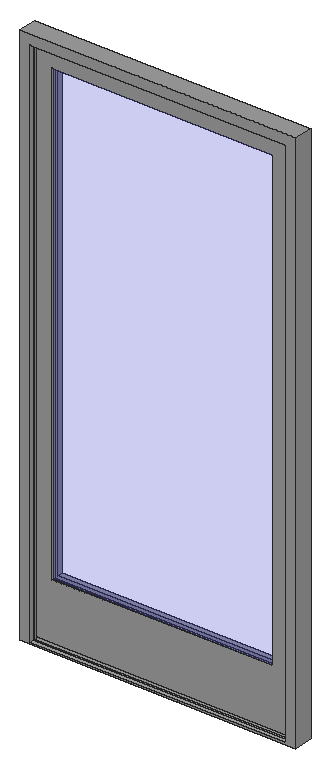
Revit family "SINGLE OUTSWINGING TERRACE DOOR_Arc", category Doors, host Wall, Revit 2017
Family settings
  Host = Wall
  OmniClass Number = 23.30.10.00
  OmniClass Title = Doors
  Always vertical = Yes
  Cut with Voids When Loaded = No
  Shared = No
  Room Calculation Point = No
Parameters
  Wall Thickness [instance] = 0' - 6"
  URL = "obe.com"
  Rough Width = Width + 0' 0 1/2"  # 4' - 0 1/2"
  Rough Height = Height + 0' 0 1/4"  # 8' - 0 1/4"
  Offset Limitation [instance] = if((Offset + 0' 3 1/4") > Wall Thickness, (Wall Thickness - 0' 3 1/4"), Offset)  # 0' - 2 3/4"
  Offset [instance] = 1' - 0"
  Model = "TS-AS"
  Manufacturer = "Oldcastle BuildingEnvelope®"
  Keynote = "08 11 00"
  Glass Material = Glass
  Function = Interior
  Height = 8' - 0"
  Wall Closure = By host
  Width = 4' - 0"
  Frame Material = Aluminum
  Description = "TERRASWING ACCESS-SINGLE OUTSWINGING TERRACE DOOR"
  Assembly Code = "B2030"
Reference planes (in)
  plane 1 "Center (Front/Back)": y = 0
  plane 2 "Center (Left/Right)": x = 0
  plane 3 "Left": x = -24.25
  plane 4 "Right": x = 24.25
  plane 5 "Top": z = 96.25
  plane 6 "Exterior": y = 3
  plane 7 "Interior": y = -3
  plane 8: z = 96
  plane 9: x = 24
  plane 10: x = -24
  plane 11: z = 0.25
  plane 12 "Offset": y = 0.25
  plane 13: z = 10.30985
  plane 14: z = 91.93745
  plane 15: z = 48.125
  plane 16 "EXT": y = -0.75004
Forms (in)
  Sweep 1, solid, material "Aluminum" <- "Frame Material"
    path origin (0, 0.25, 0) x (1, 0, 0) y (0, 0, 1)
      loop
        line (24, 96.25) -> (24, 0)
    profile origin (24, 0.25, 48.125) x (0, -1, 0) y (1, 0, 0)
      loop
        line (3.25, -1.5) -> (3.25, 0.25) -> (0, 0.25) -> (0, -0.1875) -> (0.3035, -0.1875) -> (0.3035, -1) -> (2.334, -1) -> (2.334, -1.75) -> (2.53169, -1.75) -> (2.53169, -1.5) -> (3.25, -1.5)
  Sweep 2, solid, material "Aluminum" <- "Frame Material"
    path origin (0, 0.25, 0) x (-1, 0, 0) y (0, 0, 1)
      loop
        line (24, 96.25) -> (24, 0)
    profile origin (-24, 0.25, 48.125) x (0, -1, 0) y (1, 0, 0)
      loop
        line (3.25, 1.5) -> (2.53169, 1.5) -> (2.53169, 1.75) -> (2.334, 1.75) -> (2.334, 1) -> (0.3035, 1) -> (0.3035, 0.1875) -> (0, 0.1875) -> (0, -0.25) -> (3.25, -0.25) -> (3.25, 1.5)
  Sweep 3, solid, material "Aluminum" <- "Frame Material"
    path origin (0, 0.25, 0) x (1, 0, 0) y (0, 0, 1)
      loop
        line (24.25, 96) -> (-24.25, 96)
    profile origin (0, 0.25, 96) x (0, 0, -1) y (0, -1, 0)
      loop
        line (1.5, 3.25) -> (-0.25, 3.25) -> (-0.25, 0) -> (0.1875, 0) -> (0.1875, 0.3035) -> (1, 0.3035) -> (1, 2.334) -> (1.75, 2.334) -> (1.75, 2.53169) -> (1.5, 2.53169) -> (1.5, 3.25)
  Sweep 4, solid, material "Aluminum" <- "Frame Material"
    path origin (0, 0.25, 84.5) x (1, 0, 0) y (0, 0, -1)
      loop
        line (23.25055, 84.25) -> (-23.24999, 84.25)
    profile origin (0.00028, 0.25, 0.25) x (0, 0, -1) y (0, -1, 0)
      loop
        line (-0.55985, 2.25004) -> (-10.55985, 2.25004) -> (-10.55985, 2) -> (-10.05985, 2) -> (-10.05985, 1.00004) -> (-10.55985, 1.00004) -> (-10.55985, 0) -> (-0.49735, 0) -> (-0.49735, 1.16187) -> (-0.81767, 1.16187) -> (-0.81767, 2.10675) -> (-0.55985, 2.10675) -> (-0.55985, 2.25004)
  Extrusion 5, solid, material "Glass" <- "Glass Material"
    sketch origin (0, 0, 0) x (1, 0, 0) y (0, 1, 0)
      loop
        line (-19.93745, -0.75004) -> (-19.93745, -1.75) -> (19.9385, -1.75) -> (19.9385, -0.75004) -> (-19.93745, -0.75004)
    from 10.30985 to 91.93745
  Sweep 6, solid, material "Aluminum" <- "Frame Material"
    path origin (0, 0.25, 0) x (1, 0, 0) y (0, 0, 1)
      loop
        line (-24.25, 95.24999) -> (-24.25, 0.94525)
    profile origin (-24.25, 0.25, 48.09762) x (0, -1, 0) y (1, 0, 0)
      loop
        line (2.25, 4.8125) -> (2, 4.8125) -> (2, 4.31255) -> (1.00004, 4.31255) -> (1.00004, 4.8125) -> (0, 4.8125) -> (0, 1.00001) -> (0.16565, 1.00001) -> (0.16565, 1.70276) -> (1.16183, 1.70276) -> (1.16183, 2.00782) -> (2.10671, 2.00782) -> (2.10671, 1.75) -> (2.25, 1.75) -> (2.25, 4.8125)
  Sweep 7, solid, material "Aluminum" <- "Frame Material"
    path origin (0, 0.25, 0) x (1, 0, 0) y (0, 0, 1)
      loop
        line (24.25, 0.94525) -> (24.25, 95.24999)
    profile origin (24.25, 0.25, 48.09762) x (-1, 0, 0) y (0, -1, 0)
      loop
        line (4.81931, 2.25) -> (1.74944, 2.25) -> (1.74944, 2.10671) -> (2.00726, 2.10671) -> (2.00726, 1.16183) -> (1.7022, 1.16183) -> (1.7022, 0.16569) -> (0.99945, 0.16569) -> (0.99945, 0) -> (4.81201, 0) -> (4.81201, 1.00004) -> (4.3115, 1.00004) -> (4.3115, 2) -> (4.81931, 2) -> (4.81931, 2.25)
  Sweep 8, solid, material "Aluminum" <- "Frame Material"
    path origin (0, 0.25, 0) x (1, 0, 0) y (0, 0, 1)
      loop
        line (-23.24999, 96.25) -> (23.25055, 96.25)
    profile origin (0.00028, 0.25, 96.25) x (0, 0, 1) y (0, -1, 0)
      loop
        line (-1.00001, 0) -> (-1.00001, 0.16569) -> (-1.70276, 0.16569) -> (-1.70276, 1.16187) -> (-2.00782, 1.16187) -> (-2.00782, 2.10675) -> (-1.75, 2.10675) -> (-1.75, 2.25) -> (-4.81355, 2.25) -> (-4.81355, 2) -> (-4.31255, 2) -> (-4.31255, 1.00004) -> (-4.81355, 1.00004) -> (-4.81355, 0) -> (-1.00001, 0)
  Sweep 9, solid, material "Aluminum" <- "Frame Material"
    path origin (0, 0.25, 84.5) x (1, 0, 0) y (0, 0, -1)
      loop
        line (23.25055, 84.25) -> (-23.24999, 84.25)
    profile origin (0.00028, 0.25, 0.25) x (0, 0, -1) y (0, -1, 0)
      loop
        line (0.25, 3.25) -> (-0.00002, 3.25) -> (-0.25404, 2.74196) -> (-0.31515, 2.67947) -> (-0.31515, 0.64294) -> (0.00632, 0) -> (0.25, 0) -> (0.25, 3.25)
  Sweep 10, void
    path origin (0, 0.25, 0) x (1, 0, 0) y (0, 0, 1)
      loop
        line (24, 0) -> (24, 96) -> (-24, 96) -> (-24, 0)
    profile origin (0, 0.25, 96) x (0, 0, -1) y (0, -1, 0)
      loop
        line (1.45276, 0.16569) -> (1.45276, 1.16187) -> (1.75782, 1.16187) -> (1.75782, 2.10675) -> (1.5, 2.10675) -> (1.5, 2.25004) -> (0.75001, 2.25004) -> (0.75001, 0.16569) -> (1.45276, 0.16569)
  Sweep 11, void
    path origin (0, 0.25, 0) x (1, 0, 0) y (0, 0, 1)
      loop
        line (23.25055, 0.25) -> (-23.24999, 0.25)
    profile origin (0.00028, 0.25, 0.25) x (0, 0, -1) y (0, -1, 0)
      loop
        line (-0.69525, 1.16183) -> (-0.69525, 2.10671) -> (-0.81767, 2.10671) -> (-0.81767, 1.16183) -> (-0.69525, 1.16183)
Cuts and joins
  Sweep 10, Sweep 11 cuts Sweep 4
  Sweep 10, Sweep 11 cuts Sweep 6
  Sweep 10, Sweep 11 cuts Sweep 7
  Sweep 10, Sweep 11 cuts Sweep 8
  joined: Sweep 4, Sweep 6, Sweep 7, Sweep 8
  Sweep 11 cuts Sweep 3
  Sweep 11 cuts Sweep 9
  joined: Sweep 1, Sweep 2, Sweep 3, Sweep 9
Lines and regions (in)
  Opening 1
    outline origin (-90, -3, 0) x (1, 0, 0) y (0, 0, 1)
      loop
        line (65.75, 0) -> (114.25, 0) -> (114.25, 96.25) -> (65.75, 96.25) -> (65.75, 0)
  model lines, style "DoorsHiddenLines"
    curve 1: line (-19.42913, -0.75004, 91.43645) -> (19.42913, -0.75004, 48.125)
    curve 2: line (19.42913, -0.75004, 48.125) -> (-19.42913, -0.75004, 10.81087)
Text (in)
  text "Exterior" at (-86.35182, 57.00971, 0), in view "Ref. Level"
  text "Interior" at (-86.35182, -50.38752, 0), in view "Ref. Level"
  text "Exterior" at (0, 40.15149, 123.01588), in view "Right"
  text "Interior" at (0, -64.39139, 123.01588), in view "Right"
  text "Interior" at (0, -31.01599, 123.00693), in view "Left"
  text "Exterior" at (0, 54.57065, 123.00693), in view "Left"
Dimensions and locks (in)
  "Rough Height": level to plane 5 "Top"
  locked: level to plane 11 at 0.25
  "Height": level to plane 8
  "Offset Limitation": plane 12 "Offset" to plane 6 "Exterior"
  "Wall Thickness": host wall to host wall
  Extrusion 5 sketch curve to Extrusion 5 sketch curve to plane 12 "Offset" = 0' - 0.99996" locked, 0' - 1.00004" locked
  locked: plane 13 to level at 10.30985
  locked: plane 14 to plane 8 at 4.06255
  equal spacing: level, plane 15, plane 5 "Top"
  locked: Sweep 8 sketch curve to plane 9 at 0.74945
  locked: plane 10 to Sweep 8 sketch curve at 0.75001
  locked: level to Sweep 6 sketch curve at 0.94525
  locked: Sweep 6 sketch curve to plane 8 at 0.75001
  locked: Sweep 7 sketch curve to plane 8 at 0.75001
  locked: level to Sweep 7 sketch curve at 0.94525
  locked: Sweep 4 sketch curve to plane 9 at 0.74945
  locked: plane 10 to Sweep 4 sketch curve at 0.75001
  locked: plane 12 "Offset" to plane 16 "EXT" at 1.00004
  locked: plane 10 to Extrusion 5 sketch curve at 4.06255
  locked: Extrusion 5 sketch curve to plane 9 at 4.0615
  "Rough Width": plane 3 "Left" to plane 4 "Right"
  equal spacing: plane 3 "Left", plane 2 "Center (Left/Right)", plane 4 "Right"
  locked: plane 9 to plane 4 "Right" at 0.25
  "Width": plane 10 to plane 9
  locked: plane 10 to Sweep 9 sketch curve at 0.75001
  locked: Sweep 9 sketch curve to plane 9 at 0.74945
  locked: plane 10 to Sweep 11 sketch curve at 0.75001
  locked: Sweep 11 sketch curve to plane 9 at 0.74945
  aligned and locked: plane 3 "Left" to Opening 1 sketch curve
  aligned and locked: plane 5 "Top" to Opening 1 sketch curve  (x2)
  aligned and locked: Opening 1 sketch curve to plane 4 "Right"
  aligned and locked: Opening 1 sketch curve to level
  aligned and locked: plane 6 "Exterior" to host wall
  aligned and locked: plane 7 "Interior" to host wall
  aligned and locked: Sweep 1 sketch curve to plane 9
  aligned and locked: Sweep 2 sketch curve to plane 10
  aligned and locked: plane 8 to Sweep 3 sketch curve
  aligned and locked: plane 11 to Sweep 4 sketch curve
  aligned and locked: plane 14 to Extrusion 5
  aligned and locked: Extrusion 5 to plane 13
  aligned and locked: Sweep 6 sketch curve to plane 3 "Left"
  aligned and locked: plane 4 "Right" to Sweep 7 sketch curve
  aligned and locked: Sweep 8 sketch curve to plane 5 "Top"
  aligned and locked: plane 15 to curve 2
  aligned and locked: plane 8 to Sweep 10 sketch curve
  aligned and locked: level to Sweep 10 sketch curve  (x2)
  aligned and locked: plane 11 to Sweep 11 sketch curve
Automatic sketch dimensions
  Sweep 1 sketch curve to level = 0' - 0"
  Sweep 1 sketch curve to plane 5 "Top" = 0' - 0"
  plane 12 "Offset" to Sweep 1 sketch curve = 0' - 0"
  Sweep 1 sketch curve to Sweep 1 sketch curve = 0' - 0.3035"
  profile plane to Sweep 1 sketch curve = 0' - 1"
  Sweep 1 sketch curve to Sweep 1 sketch curve = 0' - 2.0305"
  Sweep 1 sketch curve to Sweep 1 sketch curve = 0' - 0.19769"
  Sweep 1 sketch curve to Sweep 1 sketch curve = 0' - 0.71831"
  Sweep 1 sketch curve to Sweep 1 sketch curve = 0' - 0 1/2"
  Sweep 1 sketch curve to Sweep 1 sketch curve = 0' - 0 1/4"
  profile plane to Sweep 1 sketch curve = 0' - 0 3/16"
  Sweep 1 sketch curve to profile plane = 0' - 0 1/4"
  Sweep 2 sketch curve to level = 0' - 0"
  Sweep 2 sketch curve to plane 5 "Top" = 0' - 0"
  plane 12 "Offset" to Sweep 2 sketch curve = 0' - 0"
  Sweep 2 sketch curve to Sweep 2 sketch curve = 0' - 0.3035"
  Sweep 2 sketch curve to profile plane = 0' - 1"
  Sweep 2 sketch curve to Sweep 2 sketch curve = 0' - 2.0305"
  Sweep 2 sketch curve to Sweep 2 sketch curve = 0' - 0.19769"
  Sweep 2 sketch curve to Sweep 2 sketch curve = 0' - 0.71831"
  Sweep 2 sketch curve to profile plane = 0' - 0 3/16"
  profile plane to Sweep 2 sketch curve = 0' - 0 1/4"
  Sweep 2 sketch curve to Sweep 2 sketch curve = 0' - 0 1/2"
  Sweep 2 sketch curve to Sweep 2 sketch curve = 0' - 0 1/4"
  plane 3 "Left" to Sweep 3 sketch curve = 0' - 0"
  plane 4 "Right" to Sweep 3 sketch curve = 0' - 0"
  Sweep 3 sketch curve to plane 12 "Offset" = 0' - 0"
  profile plane to Sweep 3 sketch curve = 0' - 0 1/4"
  Sweep 3 sketch curve to profile plane = 0' - 0 3/16"
  Sweep 3 sketch curve to profile plane = 0' - 1"
  Sweep 3 sketch curve to Sweep 3 sketch curve = 0' - 0 1/2"
  Sweep 3 sketch curve to Sweep 3 sketch curve = 0' - 0 1/4"
  plane 12 "Offset" to Sweep 3 sketch curve = 0' - 0.3035"
  Sweep 3 sketch curve to Sweep 3 sketch curve = 0' - 2.0305"
  Sweep 3 sketch curve to Sweep 3 sketch curve = 0' - 0.19769"
  Sweep 3 sketch curve to Sweep 3 sketch curve = 0' - 0.71831"
  Sweep 4 sketch curve to plane 12 "Offset" = 0' - 0"
  plane 12 "Offset" to Sweep 4 sketch curve = 0' - 1.00004"
  profile plane to Sweep 4 sketch curve = 0' - 10.55985"
  Sweep 4 sketch curve to Sweep 4 sketch curve = 0' - 0"
  Sweep 4 sketch curve to Sweep 4 sketch curve = 0' - 0 1/2"
  profile plane to Sweep 4 sketch curve = 0' - 0.49735"
  Sweep 4 sketch curve to Sweep 4 sketch curve = 0' - 0.99996"
  Sweep 4 sketch curve to Sweep 4 sketch curve = 0' - 0.25004"
  plane 12 "Offset" to Sweep 6 sketch curve = 0' - 0"
  plane 12 "Offset" to Sweep 6 sketch curve = 0' - 0.16565"
  Sweep 6 sketch curve to Sweep 6 sketch curve = 0' - 1.00004"
  Sweep 6 sketch curve to Sweep 6 sketch curve = 0' - 0.99618"
  Sweep 6 sketch curve to Sweep 6 sketch curve = 0' - 0.99996"
  Sweep 6 sketch curve to Sweep 6 sketch curve = 0' - 0.94488"
  Sweep 6 sketch curve to Sweep 6 sketch curve = 0' - 0.14329"
  Sweep 6 sketch curve to profile plane = 0' - 1"
  Sweep 6 sketch curve to Sweep 6 sketch curve = 0' - 0.70274"
  Sweep 6 sketch curve to Sweep 6 sketch curve = 0' - 0.04724"
  Sweep 6 sketch curve to Sweep 6 sketch curve = 0' - 0 33/128"
  Sweep 6 sketch curve to Sweep 6 sketch curve = 0' - 2.30473"
  Sweep 6 sketch curve to Sweep 6 sketch curve = 0' - 0.49995"  (x2)
  plane 12 "Offset" to Sweep 7 sketch curve = 0' - 0"
  plane 12 "Offset" to Sweep 7 sketch curve = 0' - 0.16569"
  Sweep 7 sketch curve to profile plane = 0' - 0.99945"
  Sweep 7 sketch curve to Sweep 7 sketch curve = 0' - 0.70274"
  Sweep 7 sketch curve to Sweep 7 sketch curve = 0' - 0.04724"
  Sweep 7 sketch curve to Sweep 7 sketch curve = 0' - 0.30506"
  plane 12 "Offset" to Sweep 7 sketch curve = 0' - 1.00004"
  Sweep 7 sketch curve to Sweep 7 sketch curve = 0' - 2.30424"
  Sweep 7 sketch curve to Sweep 7 sketch curve = 0' - 0.50051"
  Sweep 7 sketch curve to Sweep 7 sketch curve = 0' - 0 65/128"
  Sweep 7 sketch curve to Sweep 7 sketch curve = 0' - 0.99614"
  Sweep 7 sketch curve to Sweep 7 sketch curve = 0' - 0.99996"
  Sweep 7 sketch curve to Sweep 7 sketch curve = 0' - 0.94488"
  Sweep 7 sketch curve to Sweep 7 sketch curve = 0' - 0.14329"
  Sweep 8 sketch curve to plane 12 "Offset" = 0' - 0"
  plane 12 "Offset" to Sweep 8 sketch curve = 0' - 2 1/4"
  profile plane to Sweep 8 sketch curve = 0' - 4.81355"
  Sweep 8 sketch curve to Sweep 8 sketch curve = 0' - 0"
  Sweep 8 sketch curve to Sweep 8 sketch curve = 0' - 0.501"
  plane 12 "Offset" to Sweep 8 sketch curve = 0' - 0.16569"
  profile plane to Sweep 8 sketch curve = 0' - 1.70276"
  Sweep 8 sketch curve to Sweep 8 sketch curve = 0' - 0.70274"
  plane 12 "Offset" to Sweep 8 sketch curve = 0' - 1.00004"
  Sweep 8 sketch curve to Sweep 8 sketch curve = 0' - 0 1/4"
  plane 9 to curve 1 = 0' - 4.57087"
  curve 1 to plane 14 = 0' - 0.501"
  plane 13 to curve 2 = 0' - 0.50101"
  curve 2 to plane 10 = 0' - 4.57087"
  curve 1 to plane 10 = 0' - 4.57087"
  Sweep 9 sketch curve to plane 11 = 0' - 0"
  Sweep 9 sketch curve to plane 12 "Offset" = 0' - 0"
  profile plane to Sweep 9 sketch curve = 0' - 0.31515"
  Sweep 9 sketch curve to Sweep 9 sketch curve = 0' - 0.06111"
  profile plane to Sweep 9 sketch curve = 0' - 0"
  Sweep 9 sketch curve to profile plane = 0' - 0.00632"
  Sweep 9 sketch curve to profile plane = 0' - 0 1/4"
  plane 12 "Offset" to Sweep 9 sketch curve = 0' - 0.64294"
  Sweep 9 sketch curve to Sweep 9 sketch curve = 0' - 2.03653"
  Sweep 9 sketch curve to Sweep 9 sketch curve = 0' - 0 1/16"
  Sweep 9 sketch curve to Sweep 9 sketch curve = 0' - 0.50804"
  Sweep 8 sketch curve to Sweep 8 sketch curve = 0' - 0.30506"
  Sweep 8 sketch curve to Sweep 8 sketch curve = 0' - 0.99618"
  Sweep 8 sketch curve to Sweep 8 sketch curve = 0' - 0 33/128"
  Sweep 8 sketch curve to Sweep 8 sketch curve = 0' - 0.14325"
  plane 10 to Sweep 10 sketch curve = 0' - 0"
  plane 9 to Sweep 10 sketch curve = 0' - 0"
  plane 12 "Offset" to Sweep 10 sketch curve = 0' - 0.16569"
  Sweep 10 sketch curve to profile plane = 0' - 0 3/4"
  Sweep 10 sketch curve to Sweep 10 sketch curve = 0' - 0.70274"
  Sweep 10 sketch curve to Sweep 10 sketch curve = 0' - 0 3/4"
  Sweep 10 sketch curve to Sweep 10 sketch curve = 0' - 0.30506"
  Sweep 10 sketch curve to Sweep 10 sketch curve = 0' - 0.99618"
  Sweep 10 sketch curve to Sweep 10 sketch curve = 0' - 0.94488"
  Sweep 10 sketch curve to Sweep 10 sketch curve = 0' - 0.14329"
  profile plane to Sweep 4 sketch curve = 0' - 0.55985"
  Sweep 4 sketch curve to Sweep 4 sketch curve = 0' - 0 33/128"
  Sweep 4 sketch curve to Sweep 4 sketch curve = 0' - 0.94488"
  Sweep 4 sketch curve to Sweep 4 sketch curve = 0' - 0.14329"
  plane 12 "Offset" to Sweep 11 sketch curve = 0' - 1.16183"
  profile plane to Sweep 11 sketch curve = 0' - 0.69525"
  Sweep 11 sketch curve to Sweep 11 sketch curve = 0' - 0.94488"
  Sweep 11 sketch curve to Sweep 11 sketch curve = 0' - 0.12243"
